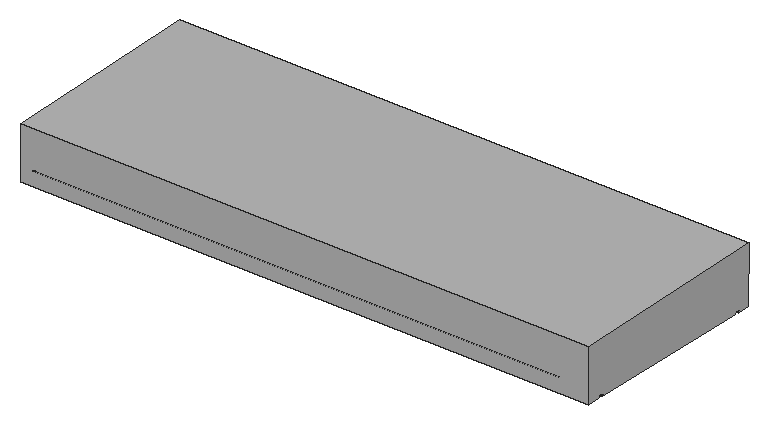
Revit family "WC302 Feather Edge", category Generic Models, Revit 2020
Family settings
  Can host rebar = No
  Round Connector Dimension = Use Diameter
  Part Type = Normal
  Work Plane-Based = No
  Always vertical = Yes
  Cut with Voids When Loaded = No
  Shared = No
  Room Calculation Point = No
Parameters
  Weight = "80Kg"
  Warranty Guarantor Parts = "n/a"
  Warranty Guarantor Labour = "n/a"
  Warranty Duration Unit = "n/a"
  Warranty Duration Parts = "n/a"
  Warranty Duration Labour = "n/a"
  Warranty Description = "n/a"
  Unit Width [instance] = 350 mm
  Unit Length [instance] = 1000 mm
  Unit Height [instance] = 100 mm
  URL = "www.killeshal.com"
  Types = "Single"
  Type Comments = "Visit our website for a full list of available products."
  Sustainability Performance = "n/a"
  Structural Class = "n/a"
  Span = "Unit Length"
  Slope = "0.00°"
  Size = "350mm x 100 to 90mm"
  Shape = "As per drawing"
  Service Life = "0.000000"
  Serial Number = "n/a"
  Resistance to Fire = "n/a"
  Replacement Cost = "n/a"
  Reference = "n/a"
  Notified Body = "n/a"
  Nominal Cover to Main Bar = "n/a"
  Model = "W/C 302 Wall Cap."
  Mechanical Resistance = "n/a"
  Manufacturer = "Killeshal Precast Concrete Ltd."
  Load Bearing = no
  Life Cycle Environmental Load = "n/a"
  Length Options = "Stock size 1000mm."
  Keynote = "The information contained is the sole property of KPC Ltd., any reproduction in part or whole without permission of KPC Ltd. is prohibited."
  Environmental Product Declaration = "n/a"
  Environmental Class = "n/a"
  Durability against Corrosion = "n/a"
  Dimension Accuracy Class = "n/a"
  Detailing = "As per design specification and product drawings."
  Description = "Feather Edge Wall Cap"
  Default Elevation = 0 mm
  Dangerous Substances = "n/a"
  Contact Tel = "0035357 9353018"
  Contact Email = "sales@killeshal.com"
  Construction Type = "Precast"
  Construction Tolerance Class = "n/a"
  Compressive Strength of Concrete = "n/a"
  Characteristics of Reinforcing Steel = "n/a"
  Characteristics Deflection Under Load = "n/a"
Reference planes
  plane 1 "Center (Front/Back)": y = 0
  plane 2: z = 0
  plane 3 "Center (Left/Right)": x = 0
  plane 4 "Rear": y = 175
  plane 5 "Front": y = -175
  plane 6 "Top": z = 100
  plane 7 "Center L/T": z = 90
Forms (mm)
  Extrusion 1, solid, material "Precast Concrete (KPC)"
    sketch origin (0, 0, 0) x (0, 1, 0) y (0, 0, 1)
      loop
        line (-175, 90) -> (-175, 0) -> (-155, 0)
        arc (-155, 0) -> (-150, 5) -> (-145, 0) r 5
        line (-145, 0) -> (145, 0)
        arc (145, 0) -> (150, 5) -> (155, 0) r 5
        line (155, 0) -> (175, 0) -> (175, 100) -> (-175, 90)
    from 0 to 1000
Dimensions and locks
  "Unit Length": Extrusion 1 to Extrusion 1
  "Unit Width": Extrusion 1 to Extrusion 1
  Extrusion 1 to plane 7 "Center L/T" = 90 mm
  "Unit Height": Extrusion 1 to plane 6 "Top"
  aligned and locked: level to plane 2
Automatic sketch dimensions
  Extrusion 1 sketch curve to plane 5 "Front" = 0 mm
  Extrusion 1 sketch curve to level = 0 mm
  Extrusion 1 sketch curve to plane 4 "Rear" = 0 mm
  Extrusion 1 sketch curve to plane 7 "Center L/T" = 0 mm
  Extrusion 1 sketch curve to plane 6 "Top" = 0 mm
  plane 5 "Front" to Extrusion 1 sketch curve = 20 mm
  Extrusion 1 sketch curve to Extrusion 1 sketch curve = 5 mm  (x2)
  Extrusion 1 sketch curve to Extrusion 1 sketch curve = 30 mm
